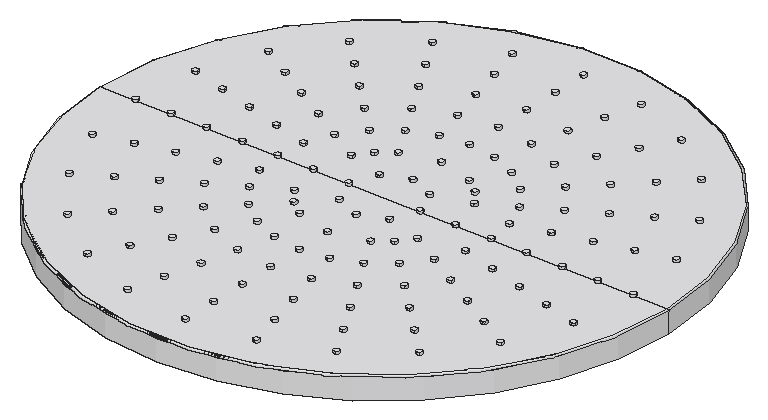
Revit family "Shower-Showerhead-KOHLER-Katalyst-13690W", category Plumbing Fixtures, host Face, Revit 2017
Family settings
  Host = Face
  Round Connector Dimension = Use Diameter
  Part Type = Normal
  OmniClass Number = 23.31.17.00
  OmniClass Title = Showers
  Cut with Voids When Loaded = No
  Shared = No
  Room Calculation Point = No
Parameters (values of type "CP-Polished Chrome")
  Width = 12.00787"  # constant formula
  WaterSense Certified = 1 = 0  # no
  Waste Water Outlet = "Waste Water Outlet"  # constant formula
  Waste Connection = 1 = 0  # no
  Vent Connection = 1 = 0  # no
  URL = "https://www.kohler.co.uk/"
  Type = 1
  Tempered Water Inlet = "Tempered Water Inlet"  # constant formula
  Product Page URL = "https://www.kohler.co.uk/showering/water-delivery/rainheads/katalyst-contemporary-round-rainhead-12in-diameter/"
  Product Name = "Katalyst"  # constant formula
  Product Documentation Link = "https://resources.kohler.com/plumbing/kohleruk/pdf/Contemporary%20round%20rainheads%20datasheet%202015.pdf"
  Pressure = 7.252 psi  # constant formula
  Model = "13690W-CP"  # constant formula
  Material = "Brass Construction"  # constant formula
  Master Format 2014 Name = "Residential Showers"  # constant formula
  Master Format 2014 = "22 42 23"  # constant formula
  Manufacturer Address = "Cromwell Road, Cheltenham, Gloucestershire. GL52 5EP Registered in England No. 252115"  # constant formula
  Manufacturer = "KOHLER Co."  # constant formula
  Length = 12.00787"  # constant formula
  Hot Water Inlet = "Hot Water Inlet"  # constant formula
  Height = 2 3/4"  # constant formula
  HW Connection = 1 = 1  # yes
  Flow Rate = 0 GPM
  Finish = Metal-Kohler-CP-Polished Chrome
  Environmental Product Declaration = ""
  Drain Included = 1 = 0  # no
  Description = "Contemporary round rainhead 12 Inch diameter"  # constant formula
  Default Elevation = 0"
  Declare Label = ""
  Date Modified = "09/07/2020"  # constant formula
  Date Created = "09/07/2020"  # constant formula
  Copyright = "Copyright KOHLER Co."  # constant formula
  Contact Us = "https://www.kohler.co.uk/support/contact/"
  Cold Water Inlet = "Cold Water Inlet"  # constant formula
  CW Connection = 1 = 0  # no
  Assembly Code = "D2010700"
  ADA Compliant = 1 = 0  # no
Reference planes (in)
  plane 1 "Center (Front/Back)": y = 0
  plane 2: z = 0
  plane 3 "Center (Left/Right)": x = 0
  plane 4: z = 2.74969
  plane 5: x = -1.11966
  plane 6: x = 1.11966
  plane 7: y = -6.00394
  plane 8: y = 6.00394
  plane 9: y = 1.11875
  plane 10: y = -1.11875
  plane 11: x = -6.00394
  plane 12: x = 6.00394
Dimensions and locks (in)
  level to plane 4 = 2.74969"
  "Length": plane 8 to plane 7
  "Width": plane 11 to plane 12
  aligned and locked: plane 2 to host face
  aligned and locked: level to host face
Automatic sketch dimensions
  host sketch curve to host sketch curve = 96"  (x2)
Nested families (in)
  nested 1: "13690W" at (0, 0, 0), type "13690W"
Connectors (in)
  piping at (0, 0, 0), diameter 0.5, driven by "Tempered Water Inlet", driven by "HW Connection", driven by "Flow Rate", driven by "Pressure"
    settings: on nested 1, index 1, connector inside diameter 24", connector length 0", flow factor 0, pipe flow 0 GPM, pressure drop 7.252 psi, fitting loss kfactor 0, connector angle 0.00°, fixture units 0, engagement length 0", angle of deflection 0.00°, flow configuration 0, flow direction 1, fitting loss method 4, system type 19, joint type 0, gender type 0, connector reference index -1, connector utility 1, adjustable connector no, is connector primary yes, connector description "Tempered Water Inlet"
Definition of nested family "13690W"
  Parameters (values of type "13690W")
    Finish = none
    Assembly Code = ""
  Reference planes (in)
    plane 1 "Center (Front/Back)": y = 0
    plane 2 "Back": z = 0
    plane 3 "Center (Left/Right)": x = 0
    plane 4 "Left": x = -6
    plane 5 "Right": x = 6
    plane 6 "Top": y = 6
    plane 7 "Bottom": y = -6
    plane 8 "Front": z = 2.75
  Forms (in)
    Revolve 1, solid, detail levels medium+fine
      sketch origin (0, 0, 0) x (1, 0, 0) y (0, 0, 1)
        loop
          line (0, 0) -> (0, 2.71692) -> (-5.96875, 2.71692)
          arc (-5.96875, 2.71692) -> (-5.99085, 2.70777) -> (-6, 2.68567) r 0.03125
          line (-6, 2.68567) -> (-6, 2.24404) -> (-0.72059, 2.24404) -> (-0.72059, 1.66964) -> (-0.68982, 1.66964) -> (-0.68982, 1.19665) -> (-0.43848, 1.19665)
          arc (-0.43848, 1.19665) -> (-0.39123, 1.13635) -> (-0.33581, 1.08346) r 0.53225
          arc (-0.33581, 1.08346) -> (-0.31109, 1.01901) -> (-0.35357, 0.96459) r 0.07013
          arc (-0.35357, 0.96459) -> (-0.4567, 0.87986) -> (-0.49543, 0.75212) r 0.23005
          line (-0.49543, 0.75212) -> (-0.49543, 0.02158)
          arc (-0.49543, 0.02158) -> (-0.48911, 0.00632) -> (-0.47385, 0) r 0.02158
          line (-0.47385, 0) -> (0, 0)
        axis (0, 0) -> (0, 2.71692)
      angle from 0 to 360
    Extrusion 2, solid, detail levels medium+fine
      sketch origin (0, 0, 0) x (-1, 0, 0) y (0, -1, 0)
        loop
          circle (3.75, 0) r 0.05864
        loop
          circle (3, 0) r 0.05864
        loop
          circle (2.25, 0) r 0.05864
        loop
          circle (1.5, 0) r 0.05864
        loop
          circle (4.5, 0) r 0.05864
        loop
          circle (0.75, 0) r 0.05864
        loop
          circle (5.25, 0) r 0.05864
        loop
          circle (-3.75, 0) r 0.05864
        loop
          circle (-3, 0) r 0.05864
        loop
          circle (-2.25, 0) r 0.05864
        loop
          circle (-1.5, 0) r 0.05864
        loop
          circle (-4.5, 0) r 0.05864
        loop
          circle (-0.75, 0) r 0.05864
        loop
          circle (-5.25, 0) r 0.05864
        loop
          circle (0, -3.75) r 0.05864
        loop
          circle (0, -3) r 0.05864
        loop
          circle (0, -2.25) r 0.05864
        loop
          circle (0, -1.5) r 0.05864
        loop
          circle (0, -4.5) r 0.05864
        loop
          circle (0, -0.75) r 0.05864
        loop
          circle (0, -5.25) r 0.05864
        loop
          circle (0, 3.75) r 0.05864
        loop
          circle (0, 3) r 0.05864
        loop
          circle (0, 2.25) r 0.05864
        loop
          circle (0, 1.5) r 0.05864
        loop
          circle (0, 4.5) r 0.05864
        loop
          circle (0, 0.75) r 0.05864
        loop
          circle (0, 5.25) r 0.05864
        loop
          circle (2.65165, -2.65165) r 0.05864
        loop
          circle (2.12132, -2.12132) r 0.05864
        loop
          circle (1.59099, -1.59099) r 0.05864
        loop
          circle (1.06066, -1.06066) r 0.05864
        loop
          circle (3.18198, -3.18198) r 0.05864
        loop
          circle (0.53033, -0.53033) r 0.05864
        loop
          circle (3.71231, -3.71231) r 0.05864
        loop
          circle (-2.65165, 2.65165) r 0.05864
        loop
          circle (-2.12132, 2.12132) r 0.05864
        loop
          circle (-1.59099, 1.59099) r 0.05864
        loop
          circle (-1.06066, 1.06066) r 0.05864
        loop
          circle (-3.18198, 3.18198) r 0.05864
        loop
          circle (-0.53033, 0.53033) r 0.05864
        loop
          circle (-3.71231, 3.71231) r 0.05864
        loop
          circle (-2.65165, -2.65165) r 0.05864
        loop
          circle (-2.12132, -2.12132) r 0.05864
        loop
          circle (-1.59099, -1.59099) r 0.05864
        loop
          circle (-1.06066, -1.06066) r 0.05864
        loop
          circle (-3.18198, -3.18198) r 0.05864
        loop
          circle (-0.53033, -0.53033) r 0.05864
        loop
          circle (-3.71231, -3.71231) r 0.05864
        loop
          circle (2.65165, 2.65165) r 0.05864
        loop
          circle (2.12132, 2.12132) r 0.05864
        loop
          circle (1.59099, 1.59099) r 0.05864
        loop
          circle (1.06066, 1.06066) r 0.05864
        loop
          circle (3.18198, 3.18198) r 0.05864
        loop
          circle (0.53033, 0.53033) r 0.05864
        loop
          circle (3.71231, 3.71231) r 0.05864
        loop
          circle (0.97057, -3.62222) r 0.05864
        loop
          circle (0.77646, -2.89778) r 0.05864
        loop
          circle (0.58234, -2.17333) r 0.05864
        loop
          circle (1.16469, -4.34667) r 0.05864
        loop
          circle (1.3588, -5.07111) r 0.05864
        loop
          circle (1.875, -3.2476) r 0.05864
        loop
          circle (1.5, -2.59808) r 0.05864
        loop
          circle (1.125, -1.94856) r 0.05864
        loop
          circle (0.75, -1.29904) r 0.05864
        loop
          circle (2.25, -3.89711) r 0.05864
        loop
          circle (2.625, -4.54663) r 0.05864
        loop
          circle (-0.97057, -3.62222) r 0.05864
        loop
          circle (-0.77646, -2.89778) r 0.05864
        loop
          circle (-0.58234, -2.17333) r 0.05864
        loop
          circle (-1.16469, -4.34667) r 0.05864
        loop
          circle (-1.3588, -5.07111) r 0.05864
        loop
          circle (-1.875, -3.2476) r 0.05864
        loop
          circle (-1.5, -2.59808) r 0.05864
        loop
          circle (-1.125, -1.94856) r 0.05864
        loop
          circle (-0.75, -1.29904) r 0.05864
        loop
          circle (-2.25, -3.89711) r 0.05864
        loop
          circle (-2.625, -4.54663) r 0.05864
        loop
          circle (-0.97057, 3.62222) r 0.05864
        loop
          circle (-0.77646, 2.89778) r 0.05864
        loop
          circle (-0.58234, 2.17333) r 0.05864
        loop
          circle (-1.16469, 4.34667) r 0.05864
        loop
          circle (-1.3588, 5.07111) r 0.05864
        loop
          circle (-1.875, 3.2476) r 0.05864
        loop
          circle (-1.5, 2.59808) r 0.05864
        loop
          circle (-1.125, 1.94856) r 0.05864
        loop
          circle (-0.75, 1.29904) r 0.05864
        loop
          circle (-2.25, 3.89711) r 0.05864
        loop
          circle (-2.625, 4.54663) r 0.05864
        loop
          circle (0.97057, 3.62222) r 0.05864
        loop
          circle (0.77646, 2.89778) r 0.05864
        loop
          circle (0.58234, 2.17333) r 0.05864
        loop
          circle (1.16469, 4.34667) r 0.05864
        loop
          circle (1.3588, 5.07111) r 0.05864
        loop
          circle (1.875, 3.2476) r 0.05864
        loop
          circle (1.5, 2.59808) r 0.05864
        loop
          circle (1.125, 1.94856) r 0.05864
        loop
          circle (0.75, 1.29904) r 0.05864
        loop
          circle (2.25, 3.89711) r 0.05864
        loop
          circle (2.625, 4.54663) r 0.05864
        loop
          circle (3.62222, 0.97057) r 0.05864
        loop
          circle (2.89778, 0.77646) r 0.05864
        loop
          circle (2.17333, 0.58234) r 0.05864
        loop
          circle (4.34667, 1.16469) r 0.05864
        loop
          circle (5.07111, 1.3588) r 0.05864
        loop
          circle (3.2476, 1.875) r 0.05864
        loop
          circle (2.59808, 1.5) r 0.05864
        loop
          circle (1.94856, 1.125) r 0.05864
        loop
          circle (1.29904, 0.75) r 0.05864
        loop
          circle (3.89711, 2.25) r 0.05864
        loop
          circle (4.54663, 2.625) r 0.05864
        loop
          circle (3.62222, -0.97057) r 0.05864
        loop
          circle (2.89778, -0.77646) r 0.05864
        loop
          circle (2.17333, -0.58234) r 0.05864
        loop
          circle (4.34667, -1.16469) r 0.05864
        loop
          circle (5.07111, -1.3588) r 0.05864
        loop
          circle (3.2476, -1.875) r 0.05864
        loop
          circle (2.59808, -1.5) r 0.05864
        loop
          circle (1.94856, -1.125) r 0.05864
        loop
          circle (1.29904, -0.75) r 0.05864
        loop
          circle (3.89711, -2.25) r 0.05864
        loop
          circle (4.54663, -2.625) r 0.05864
        loop
          circle (-3.62222, -0.97057) r 0.05864
        loop
          circle (-2.89778, -0.77646) r 0.05864
        loop
          circle (-2.17333, -0.58234) r 0.05864
        loop
          circle (-4.34667, -1.16469) r 0.05864
        loop
          circle (-5.07111, -1.3588) r 0.05864
        loop
          circle (-3.2476, -1.875) r 0.05864
        loop
          circle (-2.59808, -1.5) r 0.05864
        loop
          circle (-1.94856, -1.125) r 0.05864
        loop
          circle (-1.29904, -0.75) r 0.05864
        loop
          circle (-3.89711, -2.25) r 0.05864
        loop
          circle (-4.54663, -2.625) r 0.05864
        loop
          circle (-3.62222, 0.97057) r 0.05864
        loop
          circle (-2.89778, 0.77646) r 0.05864
        loop
          circle (-2.17333, 0.58234) r 0.05864
        loop
          circle (-4.34667, 1.16469) r 0.05864
        loop
          circle (-5.07111, 1.3588) r 0.05864
        loop
          circle (-3.2476, 1.875) r 0.05864
        loop
          circle (-2.59808, 1.5) r 0.05864
        loop
          circle (-1.94856, 1.125) r 0.05864
        loop
          circle (-1.29904, 0.75) r 0.05864
        loop
          circle (-3.89711, 2.25) r 0.05864
        loop
          circle (-4.54663, 2.625) r 0.05864
      from 2.52219 to 2.75
    Revolve 3, solid, material <- "Finish", detail levels coarse
      sketch origin (0, 0, 0) x (1, 0, 0) y (0, 0, 1)
        loop
          line (0, 0) -> (0, 2.73077) -> (-6, 2.73077) -> (-6, 2.24404) -> (-0.91193, 2.24404) -> (-0.91193, 0) -> (0, 0)
        axis (0, 2.73077) -> (0, 0)
      angle from 0 to 360
    Extrusion 4, solid, material <- "Finish", detail levels medium+fine
      sketch origin (0, 0, 0) x (1, 0, 0) y (0, 1, 0)
        loop
          circle (0, 0) r 0.25
      from 0 to 0.07379
    Extrusion 5, void
      sketch origin (0, 0, 0) x (0, 1, 0) y (0, 0, 1)
        loop
          line (-0.64098, 0.91104) -> (-0.64098, 0.17323) -> (-0.46504, 0.17323) -> (-0.46504, 0.91104) -> (-0.64098, 0.91104)
        loop
          line (0.64098, 0.91104) -> (0.46504, 0.91104) -> (0.46504, 0.17323) -> (0.64098, 0.17323) -> (0.64098, 0.91104)
      from -1.36907 to 1.02454
  Cuts and joins
    Extrusion 5 cuts Revolve 1
  Lines and regions (in)
    Masking region 1
      outline origin (0, 0, 0) x (1, 0, 0) y (0, 0, 1)
        loop
          line (-0.47553, 0) -> (0.47553, 0)
          arc (0.47553, 0) -> (0.49088, 0.00733) -> (0.49543, 0.02372) r 0.02052
          line (0.49543, 0.02372) -> (0.49543, 0.75212)
          arc (0.49543, 0.75212) -> (0.45667, 0.87989) -> (0.35346, 0.96459) r 0.22998
          arc (0.35346, 0.96459) -> (0.31099, 1.01905) -> (0.33591, 1.08346) r 0.07001
          arc (0.33591, 1.08346) -> (0.39141, 1.13623) -> (0.43848, 1.19665) r 0.51518
          line (0.43848, 1.19665) -> (0.68982, 1.19665) -> (0.68982, 1.66964) -> (0.72059, 1.66964) -> (0.72059, 2.24404) -> (6, 2.24404) -> (6, 2.68718)
          arc (6, 2.68718) -> (5.99129, 2.70821) -> (5.97026, 2.71692) r 0.02974
          line (5.97026, 2.71692) -> (5.30864, 2.71692) -> (5.30864, 2.75) -> (5.19136, 2.75) -> (5.19136, 2.71692) -> (5.12975, 2.71692) -> (5.12975, 2.75) -> (5.01247, 2.75) -> (5.01247, 2.71692) -> (4.60527, 2.71692) -> (4.60527, 2.75) -> (4.44136, 2.75) -> (4.44136, 2.71692) -> (4.4053, 2.71692) -> (4.4053, 2.75) -> (4.28803, 2.75) -> (4.28803, 2.71692) -> (3.95575, 2.71692) -> (3.95575, 2.75) -> (3.83848, 2.75) -> (3.83848, 2.71692) -> (3.77095, 2.71692) -> (3.77095, 2.75) -> (3.56358, 2.75) -> (3.56358, 2.71692) -> (3.30623, 2.71692) -> (3.30623, 2.75066) -> (3.12334, 2.75066) -> (3.12334, 2.71692) -> (3.05864, 2.71692) -> (3.05864, 2.75) -> (2.83914, 2.75) -> (2.83914, 2.71692) -> (2.71029, 2.71692) -> (2.71029, 2.75) -> (2.53944, 2.75) -> (2.53944, 2.71692) -> (2.30864, 2.71692) -> (2.30864, 2.75) -> (2.06268, 2.75) -> (2.06268, 2.71692) -> (2.0072, 2.71692) -> (2.0072, 2.75) -> (1.81636, 2.75) -> (1.81636, 2.71692) -> (1.64963, 2.71692) -> (1.64963, 2.75) -> (1.44136, 2.75) -> (1.44136, 2.71692) -> (1.40688, 2.71692) -> (1.40688, 2.75) -> (1.2404, 2.75) -> (1.2404, 2.71692) -> (1.20626, 2.71692) -> (1.20626, 2.75) -> (1.06636, 2.75) -> (1.06636, 2.71692) -> (1.02921, 2.71692) -> (1.02921, 2.75) -> (0.91193, 2.75) -> (0.91193, 2.71692) -> (0.8351, 2.71692) -> (0.8351, 2.75) -> (0.69136, 2.75) -> (0.69136, 2.71692) -> (0.64098, 2.71692) -> (0.64098, 2.75) -> (0.47169, 2.75) -> (0.47169, 2.71692) -> (0.05864, 2.71692) -> (0.05864, 2.75) -> (0, 2.75) -> (-0.05864, 2.75) -> (-0.05864, 2.71692) -> (-0.47169, 2.71692) -> (-0.47169, 2.75) -> (-0.64098, 2.75) -> (-0.64098, 2.71692) -> (-0.69136, 2.71692) -> (-0.69136, 2.75) -> (-0.8351, 2.75) -> (-0.8351, 2.71692) -> (-0.91193, 2.71692) -> (-0.91193, 2.75) -> (-1.02921, 2.75) -> (-1.02921, 2.71692) -> (-1.06636, 2.71692) -> (-1.06636, 2.75) -> (-1.20626, 2.75) -> (-1.20626, 2.71692) -> (-1.2404, 2.71692) -> (-1.2404, 2.75) -> (-1.40688, 2.75) -> (-1.40688, 2.71692) -> (-1.44136, 2.71692) -> (-1.44136, 2.75) -> (-1.64963, 2.75) -> (-1.64963, 2.71692) -> (-1.81636, 2.71692) -> (-1.81636, 2.75) -> (-2.0072, 2.75) -> (-2.0072, 2.71692) -> (-2.06268, 2.71692) -> (-2.06268, 2.75) -> (-2.30864, 2.75) -> (-2.30864, 2.71692) -> (-2.53944, 2.71692) -> (-2.53944, 2.75) -> (-2.71029, 2.75) -> (-2.71029, 2.71692) -> (-2.83914, 2.71692) -> (-2.83914, 2.75) -> (-3.05864, 2.75) -> (-3.05864, 2.71692) -> (-3.12334, 2.71692) -> (-3.12334, 2.75066) -> (-3.30623, 2.75066) -> (-3.30623, 2.71692) -> (-3.56358, 2.71692) -> (-3.56358, 2.75) -> (-3.77095, 2.75) -> (-3.77095, 2.71692) -> (-3.83848, 2.71692) -> (-3.83848, 2.75) -> (-3.95575, 2.75) -> (-3.95575, 2.71692) -> (-4.28803, 2.71692) -> (-4.28803, 2.75) -> (-4.4053, 2.75) -> (-4.4053, 2.71692) -> (-4.44136, 2.71692) -> (-4.44136, 2.75) -> (-4.60527, 2.75) -> (-4.60527, 2.71692) -> (-5.01247, 2.71692) -> (-5.01247, 2.75) -> (-5.12975, 2.75) -> (-5.12975, 2.71692) -> (-5.19136, 2.71692) -> (-5.19136, 2.75) -> (-5.30864, 2.75) -> (-5.30864, 2.71692) -> (-5.97026, 2.71692)
          arc (-5.97026, 2.71692) -> (-5.99129, 2.70821) -> (-6, 2.68718) r 0.02974
          line (-6, 2.68718) -> (-6, 2.24404) -> (-0.72059, 2.24404) -> (-0.72059, 1.66964) -> (-0.68982, 1.66964) -> (-0.68982, 1.19665) -> (-0.43848, 1.19665)
          arc (-0.43848, 1.19665) -> (-0.39141, 1.13623) -> (-0.33591, 1.08346) r 0.51518
          arc (-0.33591, 1.08346) -> (-0.31099, 1.01905) -> (-0.35346, 0.96459) r 0.07001
          arc (-0.35346, 0.96459) -> (-0.45667, 0.87989) -> (-0.49543, 0.75212) r 0.22998
          line (-0.49543, 0.75212) -> (-0.49543, 0.02372)
          arc (-0.49543, 0.02372) -> (-0.49088, 0.00733) -> (-0.47553, 0) r 0.02052
    Masking region 2
      outline origin (0, 0, 0) x (1, 0, 0) y (0, 1, 0)
        loop
          circle (0, 0) r 6
    Masking region 3
      outline origin (0, 0, 0) x (0, 1, 0) y (0, 0, 1)
        loop
          arc (0.35346, 0.96459) -> (0.31099, 1.01905) -> (0.33591, 1.08346) r 0.07001
          arc (0.33591, 1.08346) -> (0.39141, 1.13623) -> (0.43848, 1.19665) r 0.51518
          line (0.43848, 1.19665) -> (0.68982, 1.19665) -> (0.68982, 1.66964) -> (0.72059, 1.66964) -> (0.72059, 2.24404) -> (6, 2.24404) -> (6, 2.68718)
          arc (6, 2.68718) -> (5.99129, 2.70821) -> (5.97026, 2.71692) r 0.02974
          line (5.97026, 2.71692) -> (5.30864, 2.71692) -> (5.30864, 2.75) -> (5.19136, 2.75) -> (5.19136, 2.71692) -> (5.12975, 2.71692) -> (5.12975, 2.75) -> (5.01247, 2.75) -> (5.01247, 2.71692) -> (4.60527, 2.71692) -> (4.60527, 2.75) -> (4.44136, 2.75) -> (4.44136, 2.71692) -> (4.4053, 2.71692) -> (4.4053, 2.75) -> (4.28803, 2.75) -> (4.28803, 2.71692) -> (3.95575, 2.71692) -> (3.95575, 2.75) -> (3.83848, 2.75) -> (3.83848, 2.71692) -> (3.77095, 2.71692) -> (3.77095, 2.75) -> (3.56358, 2.75) -> (3.56358, 2.71692) -> (3.30623, 2.71692) -> (3.30623, 2.75066) -> (3.12334, 2.75066) -> (3.12334, 2.71692) -> (3.05864, 2.71692) -> (3.05864, 2.75) -> (2.83914, 2.75) -> (2.83914, 2.71692) -> (2.71029, 2.71692) -> (2.71029, 2.75) -> (2.53944, 2.75) -> (2.53944, 2.71692) -> (2.30864, 2.71692) -> (2.30864, 2.75) -> (2.06268, 2.75) -> (2.06268, 2.71692) -> (2.0072, 2.71692) -> (2.0072, 2.75) -> (1.81636, 2.75) -> (1.81636, 2.71692) -> (1.64963, 2.71692) -> (1.64963, 2.75) -> (1.44136, 2.75) -> (1.44136, 2.71692) -> (1.40688, 2.71692) -> (1.40688, 2.75) -> (1.2404, 2.75) -> (1.2404, 2.71692) -> (1.20626, 2.71692) -> (1.20626, 2.75) -> (1.06636, 2.75) -> (1.06636, 2.71692) -> (1.02921, 2.71692) -> (1.02921, 2.75) -> (0.91193, 2.75) -> (0.91193, 2.71692) -> (0.8351, 2.71692) -> (0.8351, 2.75) -> (0.69136, 2.75) -> (0.69136, 2.71692) -> (0.64098, 2.71692) -> (0.64098, 2.75) -> (0.47169, 2.75) -> (0.47169, 2.71692) -> (0.05864, 2.71692) -> (0.05864, 2.75) -> (0, 2.75) -> (-0.05864, 2.75) -> (-0.05864, 2.71692) -> (-0.47169, 2.71692) -> (-0.47169, 2.75) -> (-0.64098, 2.75) -> (-0.64098, 2.71692) -> (-0.69136, 2.71692) -> (-0.69136, 2.75) -> (-0.8351, 2.75) -> (-0.8351, 2.71692) -> (-0.91193, 2.71692) -> (-0.91193, 2.75) -> (-1.02921, 2.75) -> (-1.02921, 2.71692) -> (-1.06636, 2.71692) -> (-1.06636, 2.75) -> (-1.20626, 2.75) -> (-1.20626, 2.71692) -> (-1.2404, 2.71692) -> (-1.2404, 2.75) -> (-1.40688, 2.75) -> (-1.40688, 2.71692) -> (-1.44136, 2.71692) -> (-1.44136, 2.75) -> (-1.64963, 2.75) -> (-1.64963, 2.71692) -> (-1.81636, 2.71692) -> (-1.81636, 2.75) -> (-2.0072, 2.75) -> (-2.0072, 2.71692) -> (-2.06268, 2.71692) -> (-2.06268, 2.75) -> (-2.30864, 2.75) -> (-2.30864, 2.71692) -> (-2.53944, 2.71692) -> (-2.53944, 2.75) -> (-2.71029, 2.75) -> (-2.71029, 2.71692) -> (-2.83914, 2.71692) -> (-2.83914, 2.75) -> (-3.05864, 2.75) -> (-3.05864, 2.71692) -> (-3.12334, 2.71692) -> (-3.12334, 2.75066) -> (-3.30623, 2.75066) -> (-3.30623, 2.71692) -> (-3.56358, 2.71692) -> (-3.56358, 2.75) -> (-3.77095, 2.75) -> (-3.77095, 2.71692) -> (-3.83848, 2.71692) -> (-3.83848, 2.75) -> (-3.95575, 2.75) -> (-3.95575, 2.71692) -> (-4.28803, 2.71692) -> (-4.28803, 2.75) -> (-4.4053, 2.75) -> (-4.4053, 2.71692) -> (-4.44136, 2.71692) -> (-4.44136, 2.75) -> (-4.60527, 2.75) -> (-4.60527, 2.71692) -> (-5.01247, 2.71692) -> (-5.01247, 2.75) -> (-5.12975, 2.75) -> (-5.12975, 2.71692) -> (-5.19136, 2.71692) -> (-5.19136, 2.75) -> (-5.30864, 2.75) -> (-5.30864, 2.71692) -> (-5.97026, 2.71692)
          arc (-5.97026, 2.71692) -> (-5.99129, 2.70821) -> (-6, 2.68718) r 0.02974
          line (-6, 2.68718) -> (-6, 2.24404) -> (-0.72059, 2.24404) -> (-0.72059, 1.66964) -> (-0.68982, 1.66964) -> (-0.68982, 1.19665) -> (-0.43848, 1.19665)
          arc (-0.43848, 1.19665) -> (-0.39141, 1.13623) -> (-0.33591, 1.08346) r 0.51518
          arc (-0.33591, 1.08346) -> (-0.31099, 1.01905) -> (-0.35346, 0.96459) r 0.07001
          arc (-0.35346, 0.96459) -> (-0.41741, 0.92475) -> (-0.46504, 0.86637) r 0.22998
          line (-0.46504, 0.86637) -> (-0.46504, 0.17804) -> (-0.49543, 0.17323) -> (-0.49543, 0.02372)
          arc (-0.49543, 0.02372) -> (-0.49088, 0.00733) -> (-0.47553, 0) r 0.02052
          line (-0.47553, 0) -> (0.47553, 0)
          arc (0.47553, 0) -> (0.49088, 0.00733) -> (0.49543, 0.02372) r 0.02052
          line (0.49543, 0.02372) -> (0.49543, 0.17323) -> (0.46504, 0.17804) -> (0.46504, 0.86637)
          arc (0.46504, 0.86637) -> (0.41741, 0.92475) -> (0.35346, 0.96459) r 0.22998
    symbolic lines, detail levels medium+fine
      curve 1: line (-0.72059, 0, 2.24404) -> (0.72059, 0, 2.24404)
      curve 2: line (-0.68982, 0, 1.66964) -> (0.68982, 0, 1.66964)
      curve 3: line (-0.43848, 0, 1.19665) -> (0.43848, 0, 1.19665)
      curve 4: line (-0.33591, 0, 1.08346) -> (0.33591, 0, 1.08346)
      curve 5: line (-0.35346, 0, 0.96459) -> (0.35346, 0, 0.96459)
      curve 6: line (-0.17084, 0, 0.17428) -> (0.17084, 0, 0.17428)
      curve 7: line (0, -0.35357, 0.96459) -> (0, 0.35335, 0.96459)
      curve 8: line (0, -0.33591, 1.08346) -> (0, 0.33575, 1.08346)
      curve 9: line (0, -0.68982, 1.19665) -> (0, 0.68956, 1.19665)
      curve 10: arc (0, 5.19136, 2.75) -> (0.05864, 5.25, 2.75) -> (0, 5.30864, 2.75) r 0.05864
      curve 11: arc (0, 5.30864, 2.75) -> (-0.05864, 5.25, 2.75) -> (0, 5.19136, 2.75) r 0.05864
      curve 12: arc (0, 4.44136, 2.75) -> (0.05864, 4.5, 2.75) -> (0, 4.55864, 2.75) r 0.05864
      curve 13: arc (0, 4.55864, 2.75) -> (-0.05864, 4.5, 2.75) -> (0, 4.44136, 2.75) r 0.05864
      curve 14: arc (0, 3.69136, 2.75) -> (0.05864, 3.75, 2.75) -> (0, 3.80864, 2.75) r 0.05864
      curve 15: arc (0, 3.80864, 2.75) -> (-0.05864, 3.75, 2.75) -> (0, 3.69136, 2.75) r 0.05864
      curve 16: arc (0, 2.94136, 2.75) -> (0.05864, 3, 2.75) -> (0, 3.05864, 2.75) r 0.05864
      curve 17: arc (0, 3.05864, 2.75) -> (-0.05864, 3, 2.75) -> (0, 2.94136, 2.75) r 0.05864
      curve 18: arc (0, 2.19136, 2.75) -> (0.05864, 2.25, 2.75) -> (0, 2.30864, 2.75) r 0.05864
      curve 19: arc (0, 2.30864, 2.75) -> (-0.05864, 2.25, 2.75) -> (0, 2.19136, 2.75) r 0.05864
      curve 20: arc (0, 1.44136, 2.75) -> (0.05864, 1.5, 2.75) -> (0, 1.55864, 2.75) r 0.05864
      curve 21: arc (0, 1.55864, 2.75) -> (-0.05864, 1.5, 2.75) -> (0, 1.44136, 2.75) r 0.05864
      curve 22: arc (0, 0.69136, 2.75) -> (0.05864, 0.75, 2.75) -> (0, 0.80864, 2.75) r 0.05864
      curve 23: arc (0, 0.80864, 2.75) -> (-0.05864, 0.75, 2.75) -> (0, 0.69136, 2.75) r 0.05864
      curve 24: arc (0, -0.80864, 2.75) -> (0.05864, -0.75, 2.75) -> (0, -0.69136, 2.75) r 0.05864
      curve 25: arc (0, -0.69136, 2.75) -> (-0.05864, -0.75, 2.75) -> (0, -0.80864, 2.75) r 0.05864
      curve 26: arc (0, -1.55864, 2.75) -> (0.05864, -1.5, 2.75) -> (0, -1.44136, 2.75) r 0.05864
      curve 27: arc (0, -1.44136, 2.75) -> (-0.05864, -1.5, 2.75) -> (0, -1.55864, 2.75) r 0.05864
      curve 28: arc (0, -2.30864, 2.75) -> (0.05864, -2.25, 2.75) -> (0, -2.19136, 2.75) r 0.05864
      curve 29: arc (0, -2.19136, 2.75) -> (-0.05864, -2.25, 2.75) -> (0, -2.30864, 2.75) r 0.05864
      curve 30: arc (0, -3.05864, 2.75) -> (0.05864, -3, 2.75) -> (0, -2.94136, 2.75) r 0.05864
      curve 31: arc (0, -2.94136, 2.75) -> (-0.05864, -3, 2.75) -> (0, -3.05864, 2.75) r 0.05864
      curve 32: arc (0, -3.80864, 2.75) -> (0.05864, -3.75, 2.75) -> (0, -3.69136, 2.75) r 0.05864
      curve 33: arc (0, -3.69136, 2.75) -> (-0.05864, -3.75, 2.75) -> (0, -3.80864, 2.75) r 0.05864
      curve 34: arc (0, -4.44136, 2.75) -> (0.05864, -4.5, 2.75) -> (0, -4.55864, 2.75) r 0.05864
      curve 35: arc (0, -4.55864, 2.75) -> (-0.05864, -4.5, 2.75) -> (0, -4.44136, 2.75) r 0.05864
      curve 36: arc (0, -5.30864, 2.75) -> (0.05864, -5.25, 2.75) -> (0, -5.19136, 2.75) r 0.05864
      curve 37: arc (0, -5.19136, 2.75) -> (-0.05864, -5.25, 2.75) -> (0, -5.30864, 2.75) r 0.05864
      curve 38: arc (5.19136, 0, 2.75) -> (5.25, -0.05864, 2.75) -> (5.30864, 0, 2.75) r 0.05864
      curve 39: arc (5.30864, 0, 2.75) -> (5.25, 0.05864, 2.75) -> (5.19136, 0, 2.75) r 0.05864
      curve 40: arc (4.44136, 0, 2.75) -> (4.5, -0.05864, 2.75) -> (4.55864, 0, 2.75) r 0.05864
      curve 41: arc (4.55864, 0, 2.75) -> (4.5, 0.05864, 2.75) -> (4.44136, 0, 2.75) r 0.05864
      curve 42: arc (3.69136, 0, 2.75) -> (3.75, -0.05864, 2.75) -> (3.80864, 0, 2.75) r 0.05864
      curve 43: arc (3.80864, 0, 2.75) -> (3.75, 0.05864, 2.75) -> (3.69136, 0, 2.75) r 0.05864
      curve 44: arc (2.94136, 0, 2.75) -> (3, -0.05864, 2.75) -> (3.05864, 0, 2.75) r 0.05864
      curve 45: arc (3.05864, 0, 2.75) -> (3, 0.05864, 2.75) -> (2.94136, 0, 2.75) r 0.05864
      curve 46: arc (2.19136, 0, 2.75) -> (2.25, -0.05864, 2.75) -> (2.30864, 0, 2.75) r 0.05864
      curve 47: arc (2.30864, 0, 2.75) -> (2.25, 0.05864, 2.75) -> (2.19136, 0, 2.75) r 0.05864
      curve 48: arc (1.44136, 0, 2.75) -> (1.5, -0.05864, 2.75) -> (1.55864, 0, 2.75) r 0.05864
      curve 49: arc (1.55864, 0, 2.75) -> (1.5, 0.05864, 2.75) -> (1.44136, 0, 2.75) r 0.05864
      curve 50: arc (0.69136, 0, 2.75) -> (0.75, -0.05864, 2.75) -> (0.80864, 0, 2.75) r 0.05864
      curve 51: arc (0.80864, 0, 2.75) -> (0.75, 0.05864, 2.75) -> (0.69136, 0, 2.75) r 0.05864
      curve 52: arc (-0.7867, 0, 2.75) -> (-0.72807, -0.05864, 2.75) -> (-0.66943, 0, 2.75) r 0.05864
      curve 53: arc (-0.66943, 0, 2.75) -> (-0.72807, 0.05864, 2.75) -> (-0.7867, 0, 2.75) r 0.05864
      curve 54: arc (-1.5367, 0, 2.75) -> (-1.47807, -0.05864, 2.75) -> (-1.41943, 0, 2.75) r 0.05864
      curve 55: arc (-1.41943, 0, 2.75) -> (-1.47807, 0.05864, 2.75) -> (-1.5367, 0, 2.75) r 0.05864
      curve 56: arc (-2.2867, 0, 2.75) -> (-2.22807, -0.05864, 2.75) -> (-2.16943, 0, 2.75) r 0.05864
      curve 57: arc (-2.16943, 0, 2.75) -> (-2.22807, 0.05864, 2.75) -> (-2.2867, 0, 2.75) r 0.05864
      curve 58: arc (-3.0367, 0, 2.75) -> (-2.97807, -0.05864, 2.75) -> (-2.91943, 0, 2.75) r 0.05864
      curve 59: arc (-2.91943, 0, 2.75) -> (-2.97807, 0.05864, 2.75) -> (-3.0367, 0, 2.75) r 0.05864
      curve 60: arc (-3.7867, 0, 2.75) -> (-3.72807, -0.05864, 2.75) -> (-3.66943, 0, 2.75) r 0.05864
      curve 61: arc (-3.66943, 0, 2.75) -> (-3.72807, 0.05864, 2.75) -> (-3.7867, 0, 2.75) r 0.05864
      curve 62: arc (-4.41943, 0, 2.75) -> (-4.47807, -0.05864, 2.75) -> (-4.5367, 0, 2.75) r 0.05864
      curve 63: arc (-4.5367, 0, 2.75) -> (-4.47807, 0.05864, 2.75) -> (-4.41943, 0, 2.75) r 0.05864
      curve 64: arc (-5.2867, 0, 2.75) -> (-5.22807, -0.05864, 2.75) -> (-5.16943, 0, 2.75) r 0.05864
      curve 65: arc (-5.16943, 0, 2.75) -> (-5.22807, 0.05864, 2.75) -> (-5.2867, 0, 2.75) r 0.05864
      curve 66: arc (0, 5.19136, 2.75) -> (0.05864, 5.25, 2.75) -> (0, 5.30864, 2.75) r 0.05864
      curve 67: arc (0, 5.30864, 2.75) -> (-0.05864, 5.25, 2.75) -> (0, 5.19136, 2.75) r 0.05864
      curve 68: arc (0, 4.44136, 2.75) -> (0.05864, 4.5, 2.75) -> (0, 4.55864, 2.75) r 0.05864
      curve 69: arc (0, 4.55864, 2.75) -> (-0.05864, 4.5, 2.75) -> (0, 4.44136, 2.75) r 0.05864
      curve 70: arc (0, 3.69136, 2.75) -> (0.05864, 3.75, 2.75) -> (0, 3.80864, 2.75) r 0.05864
      curve 71: arc (0, 3.80864, 2.75) -> (-0.05864, 3.75, 2.75) -> (0, 3.69136, 2.75) r 0.05864
      curve 72: arc (0, 2.94136, 2.75) -> (0.05864, 3, 2.75) -> (0, 3.05864, 2.75) r 0.05864
      curve 73: arc (0, 3.05864, 2.75) -> (-0.05864, 3, 2.75) -> (0, 2.94136, 2.75) r 0.05864
      curve 74: arc (0, 2.19136, 2.75) -> (0.05864, 2.25, 2.75) -> (0, 2.30864, 2.75) r 0.05864
      curve 75: arc (0, 2.30864, 2.75) -> (-0.05864, 2.25, 2.75) -> (0, 2.19136, 2.75) r 0.05864
      curve 76: arc (0, 1.44136, 2.75) -> (0.05864, 1.5, 2.75) -> (0, 1.55864, 2.75) r 0.05864
      curve 77: arc (0, 1.55864, 2.75) -> (-0.05864, 1.5, 2.75) -> (0, 1.44136, 2.75) r 0.05864
      curve 78: arc (0, 0.69136, 2.75) -> (0.05864, 0.75, 2.75) -> (0, 0.80864, 2.75) r 0.05864
      curve 79: arc (0, 0.80864, 2.75) -> (-0.05864, 0.75, 2.75) -> (0, 0.69136, 2.75) r 0.05864
      curve 80: arc (0, -0.80864, 2.75) -> (0.05864, -0.75, 2.75) -> (0, -0.69136, 2.75) r 0.05864
      curve 81: arc (0, -0.69136, 2.75) -> (-0.05864, -0.75, 2.75) -> (0, -0.80864, 2.75) r 0.05864
      curve 82: arc (0, -1.55864, 2.75) -> (0.05864, -1.5, 2.75) -> (0, -1.44136, 2.75) r 0.05864
      curve 83: arc (0, -1.44136, 2.75) -> (-0.05864, -1.5, 2.75) -> (0, -1.55864, 2.75) r 0.05864
      curve 84: arc (0, -2.30864, 2.75) -> (0.05864, -2.25, 2.75) -> (0, -2.19136, 2.75) r 0.05864
      curve 85: arc (0, -2.19136, 2.75) -> (-0.05864, -2.25, 2.75) -> (0, -2.30864, 2.75) r 0.05864
      curve 86: arc (0, -3.05864, 2.75) -> (0.05864, -3, 2.75) -> (0, -2.94136, 2.75) r 0.05864
      curve 87: arc (0, -2.94136, 2.75) -> (-0.05864, -3, 2.75) -> (0, -3.05864, 2.75) r 0.05864
      curve 88: arc (0, -3.80864, 2.75) -> (0.05864, -3.75, 2.75) -> (0, -3.69136, 2.75) r 0.05864
      curve 89: arc (0, -3.69136, 2.75) -> (-0.05864, -3.75, 2.75) -> (0, -3.80864, 2.75) r 0.05864
      curve 90: arc (0, -4.44136, 2.75) -> (0.05864, -4.5, 2.75) -> (0, -4.55864, 2.75) r 0.05864
      curve 91: arc (0, -4.55864, 2.75) -> (-0.05864, -4.5, 2.75) -> (0, -4.44136, 2.75) r 0.05864
      curve 92: arc (0, -5.30864, 2.75) -> (0.05864, -5.25, 2.75) -> (0, -5.19136, 2.75) r 0.05864
      curve 93: arc (0, -5.19136, 2.75) -> (-0.05864, -5.25, 2.75) -> (0, -5.30864, 2.75) r 0.05864
      curve 94: arc (5.19136, 0, 2.75) -> (5.25, -0.05864, 2.75) -> (5.30864, 0, 2.75) r 0.05864
      curve 95: arc (5.30864, 0, 2.75) -> (5.25, 0.05864, 2.75) -> (5.19136, 0, 2.75) r 0.05864
      curve 96: arc (4.44136, 0, 2.75) -> (4.5, -0.05864, 2.75) -> (4.55864, 0, 2.75) r 0.05864
      curve 97: arc (4.55864, 0, 2.75) -> (4.5, 0.05864, 2.75) -> (4.44136, 0, 2.75) r 0.05864
      curve 98: arc (3.69136, 0, 2.75) -> (3.75, -0.05864, 2.75) -> (3.80864, 0, 2.75) r 0.05864
      curve 99: arc (3.80864, 0, 2.75) -> (3.75, 0.05864, 2.75) -> (3.69136, 0, 2.75) r 0.05864
      curve 100: arc (2.94136, 0, 2.75) -> (3, -0.05864, 2.75) -> (3.05864, 0, 2.75) r 0.05864
      curve 101: arc (3.05864, 0, 2.75) -> (3, 0.05864, 2.75) -> (2.94136, 0, 2.75) r 0.05864
      curve 102: arc (2.19136, 0, 2.75) -> (2.25, -0.05864, 2.75) -> (2.30864, 0, 2.75) r 0.05864
      curve 103: arc (2.30864, 0, 2.75) -> (2.25, 0.05864, 2.75) -> (2.19136, 0, 2.75) r 0.05864
      curve 104: arc (1.44136, 0, 2.75) -> (1.5, -0.05864, 2.75) -> (1.55864, 0, 2.75) r 0.05864
      curve 105: arc (1.55864, 0, 2.75) -> (1.5, 0.05864, 2.75) -> (1.44136, 0, 2.75) r 0.05864
      curve 106: arc (0.69136, 0, 2.75) -> (0.75, -0.05864, 2.75) -> (0.80864, 0, 2.75) r 0.05864
      curve 107: arc (0.80864, 0, 2.75) -> (0.75, 0.05864, 2.75) -> (0.69136, 0, 2.75) r 0.05864
      curve 108: arc (-0.7867, 0, 2.75) -> (-0.75, -0.0367, 2.75) -> (-0.7133, 0, 2.75) r 0.0367
      curve 109: arc (-0.7133, 0, 2.75) -> (-0.75, 0.0367, 2.75) -> (-0.7867, 0, 2.75) r 0.0367
      curve 110: arc (-1.5367, 0, 2.75) -> (-1.47807, -0.05864, 2.75) -> (-1.41943, 0, 2.75) r 0.05864
      curve 111: arc (-1.41943, 0, 2.75) -> (-1.47807, 0.05864, 2.75) -> (-1.5367, 0, 2.75) r 0.05864
      curve 112: arc (-2.2867, 0, 2.75) -> (-2.22807, -0.05864, 2.75) -> (-2.16943, 0, 2.75) r 0.05864
      curve 113: arc (-2.16943, 0, 2.75) -> (-2.22807, 0.05864, 2.75) -> (-2.2867, 0, 2.75) r 0.05864
      curve 114: arc (-3.0367, 0, 2.75) -> (-2.97807, -0.05864, 2.75) -> (-2.91943, 0, 2.75) r 0.05864
      curve 115: arc (-2.91943, 0, 2.75) -> (-2.97807, 0.05864, 2.75) -> (-3.0367, 0, 2.75) r 0.05864
      curve 116: arc (-3.7867, 0, 2.75) -> (-3.72807, -0.05864, 2.75) -> (-3.66943, 0, 2.75) r 0.05864
      curve 117: arc (-3.66943, 0, 2.75) -> (-3.72807, 0.05864, 2.75) -> (-3.7867, 0, 2.75) r 0.05864
      curve 118: arc (-4.41943, 0, 2.75) -> (-4.47807, -0.05864, 2.75) -> (-4.5367, 0, 2.75) r 0.05864
      curve 119: arc (-4.5367, 0, 2.75) -> (-4.47807, 0.05864, 2.75) -> (-4.41943, 0, 2.75) r 0.05864
      curve 120: arc (-5.2867, 0, 2.75) -> (-5.22807, -0.05864, 2.75) -> (-5.16943, 0, 2.75) r 0.05864
      curve 121: arc (-5.16943, 0, 2.75) -> (-5.22807, 0.05864, 2.75) -> (-5.2867, 0, 2.75) r 0.05864
      curve 122: arc (-0.56717, 2.11669, 2.75) -> (-0.5257, 2.18851, 2.75) -> (-0.59752, 2.22997, 2.75) r 0.05864
      curve 123: arc (-0.59752, 2.22997, 2.75) -> (-0.63898, 2.15816, 2.75) -> (-0.56717, 2.11669, 2.75) r 0.05864
      curve 124: arc (-0.76128, 2.84114, 2.75) -> (-0.71982, 2.91295, 2.75) -> (-0.79163, 2.95442, 2.75) r 0.05864
      curve 125: arc (-0.79163, 2.95442, 2.75) -> (-0.8331, 2.8826, 2.75) -> (-0.76128, 2.84114, 2.75) r 0.05864
      curve 126: arc (-0.95539, 3.56558, 2.75) -> (-0.91393, 3.6374, 2.75) -> (-0.98575, 3.67886, 2.75) r 0.05864
      curve 127: arc (-0.98575, 3.67886, 2.75) -> (-1.02721, 3.60705, 2.75) -> (-0.95539, 3.56558, 2.75) r 0.05864
      curve 128: arc (-1.14951, 4.29003, 2.75) -> (-1.10805, 4.36184, 2.75) -> (-1.17986, 4.40331, 2.75) r 0.05864
      curve 129: arc (-1.17986, 4.40331, 2.75) -> (-1.22133, 4.33149, 2.75) -> (-1.14951, 4.29003, 2.75) r 0.05864
      curve 130: arc (-1.34362, 5.01447, 2.75) -> (-1.30216, 5.08629, 2.75) -> (-1.37398, 5.12775, 2.75) r 0.05864
      curve 131: arc (-1.37398, 5.12775, 2.75) -> (-1.41544, 5.05593, 2.75) -> (-1.34362, 5.01447, 2.75) r 0.05864
      curve 132: arc (-2.59568, 4.49585, 2.75) -> (-2.57422, 4.57595, 2.75) -> (-2.65432, 4.59742, 2.75) r 0.05864
      curve 133: arc (-2.65432, 4.59742, 2.75) -> (-2.67578, 4.51731, 2.75) -> (-2.59568, 4.49585, 2.75) r 0.05864
      curve 134: arc (-2.22068, 3.84633, 2.75) -> (-2.19922, 3.92643, 2.75) -> (-2.27932, 3.9479, 2.75) r 0.05864
      curve 135: arc (-2.27932, 3.9479, 2.75) -> (-2.30078, 3.8678, 2.75) -> (-2.22068, 3.84633, 2.75) r 0.05864
      curve 136: arc (-1.84568, 3.19681, 2.75) -> (-1.82422, 3.27691, 2.75) -> (-1.90432, 3.29838, 2.75) r 0.05864
      curve 137: arc (-1.90432, 3.29838, 2.75) -> (-1.92578, 3.21828, 2.75) -> (-1.84568, 3.19681, 2.75) r 0.05864
      curve 138: arc (-1.47068, 2.54729, 2.75) -> (-1.44922, 2.6274, 2.75) -> (-1.52932, 2.64886, 2.75) r 0.05864
      curve 139: arc (-1.52932, 2.64886, 2.75) -> (-1.55078, 2.56876, 2.75) -> (-1.47068, 2.54729, 2.75) r 0.05864
      curve 140: arc (-1.09568, 1.89777, 2.75) -> (-1.07422, 1.97788, 2.75) -> (-1.15432, 1.99934, 2.75) r 0.05864
      curve 141: arc (-1.15432, 1.99934, 2.75) -> (-1.17578, 1.91924, 2.75) -> (-1.09568, 1.89777, 2.75) r 0.05864
      curve 142: arc (-0.72068, 1.24826, 2.75) -> (-0.69922, 1.32836, 2.75) -> (-0.77932, 1.34982, 2.75) r 0.05864
      curve 143: arc (-0.77932, 1.34982, 2.75) -> (-0.80078, 1.26972, 2.75) -> (-0.72068, 1.24826, 2.75) r 0.05864
      curve 144: arc (-0.48887, 0.48887, 2.75) -> (-0.48887, 0.57179, 2.75) -> (-0.57179, 0.57179, 2.75) r 0.05864
      curve 145: arc (-0.57179, 0.57179, 2.75) -> (-0.57179, 0.48887, 2.75) -> (-0.48887, 0.48887, 2.75) r 0.05864
      curve 146: arc (-1.0192, 1.0192, 2.75) -> (-1.0192, 1.10212, 2.75) -> (-1.10212, 1.10212, 2.75) r 0.05864
      curve 147: arc (-1.10212, 1.10212, 2.75) -> (-1.10212, 1.0192, 2.75) -> (-1.0192, 1.0192, 2.75) r 0.05864
      curve 148: arc (-1.54953, 1.54953, 2.75) -> (-1.54953, 1.63245, 2.75) -> (-1.63245, 1.63245, 2.75) r 0.05864
      curve 149: arc (-1.63245, 1.63245, 2.75) -> (-1.63245, 1.54953, 2.75) -> (-1.54953, 1.54953, 2.75) r 0.05864
      curve 150: arc (-2.07986, 2.07986, 2.75) -> (-2.07986, 2.16278, 2.75) -> (-2.16278, 2.16278, 2.75) r 0.05864
      curve 151: arc (-2.16278, 2.16278, 2.75) -> (-2.16278, 2.07986, 2.75) -> (-2.07986, 2.07986, 2.75) r 0.05864
      curve 152: arc (-2.61019, 2.61019, 2.75) -> (-2.61019, 2.69311, 2.75) -> (-2.69311, 2.69311, 2.75) r 0.05864
      curve 153: arc (-2.69311, 2.69311, 2.75) -> (-2.69311, 2.61019, 2.75) -> (-2.61019, 2.61019, 2.75) r 0.05864
      curve 154: arc (-3.14052, 3.14052, 2.75) -> (-3.14052, 3.22344, 2.75) -> (-3.22344, 3.22344, 2.75) r 0.05864
      curve 155: arc (-3.22344, 3.22344, 2.75) -> (-3.22344, 3.14052, 2.75) -> (-3.14052, 3.14052, 2.75) r 0.05864
      curve 156: arc (-3.67085, 3.67085, 2.75) -> (-3.67085, 3.75377, 2.75) -> (-3.75377, 3.75377, 2.75) r 0.05864
      curve 157: arc (-3.75377, 3.75377, 2.75) -> (-3.75377, 3.67085, 2.75) -> (-3.67085, 3.67085, 2.75) r 0.05864
      curve 158: arc (-4.49585, 2.59568, 2.75) -> (-4.51731, 2.67578, 2.75) -> (-4.59742, 2.65432, 2.75) r 0.05864
      curve 159: arc (-4.59742, 2.65432, 2.75) -> (-4.57595, 2.57422, 2.75) -> (-4.49585, 2.59568, 2.75) r 0.05864
      curve 160: arc (-3.84633, 2.22068, 2.75) -> (-3.8678, 2.30078, 2.75) -> (-3.9479, 2.27932, 2.75) r 0.05864
      curve 161: arc (-3.9479, 2.27932, 2.75) -> (-3.92643, 2.19922, 2.75) -> (-3.84633, 2.22068, 2.75) r 0.05864
      curve 162: arc (-3.19681, 1.84568, 2.75) -> (-3.21828, 1.92578, 2.75) -> (-3.29838, 1.90432, 2.75) r 0.05864
      curve 163: arc (-3.29838, 1.90432, 2.75) -> (-3.27691, 1.82422, 2.75) -> (-3.19681, 1.84568, 2.75) r 0.05864
      curve 164: arc (-2.54729, 1.47068, 2.75) -> (-2.56876, 1.55078, 2.75) -> (-2.64886, 1.52932, 2.75) r 0.05864
      curve 165: arc (-2.64886, 1.52932, 2.75) -> (-2.6274, 1.44922, 2.75) -> (-2.54729, 1.47068, 2.75) r 0.05864
      curve 166: arc (-1.89777, 1.09568, 2.75) -> (-1.91924, 1.17578, 2.75) -> (-1.99934, 1.15432, 2.75) r 0.05864
      curve 167: arc (-1.99934, 1.15432, 2.75) -> (-1.97788, 1.07422, 2.75) -> (-1.89777, 1.09568, 2.75) r 0.05864
      curve 168: arc (-1.24826, 0.72068, 2.75) -> (-1.26972, 0.80078, 2.75) -> (-1.34982, 0.77932, 2.75) r 0.05864
      curve 169: arc (-1.34982, 0.77932, 2.75) -> (-1.32836, 0.69922, 2.75) -> (-1.24826, 0.72068, 2.75) r 0.05864
      curve 170: arc (-2.11669, 0.56717, 2.75) -> (-2.15816, 0.63898, 2.75) -> (-2.22997, 0.59752, 2.75) r 0.05864
      curve 171: arc (-2.22997, 0.59752, 2.75) -> (-2.18851, 0.5257, 2.75) -> (-2.11669, 0.56717, 2.75) r 0.05864
      curve 172: arc (-2.84114, 0.76128, 2.75) -> (-2.8826, 0.8331, 2.75) -> (-2.95442, 0.79163, 2.75) r 0.05864
      curve 173: arc (-2.95442, 0.79163, 2.75) -> (-2.91295, 0.71982, 2.75) -> (-2.84114, 0.76128, 2.75) r 0.05864
      curve 174: arc (-3.56558, 0.95539, 2.75) -> (-3.60705, 1.02721, 2.75) -> (-3.67886, 0.98575, 2.75) r 0.05864
      curve 175: arc (-3.67886, 0.98575, 2.75) -> (-3.6374, 0.91393, 2.75) -> (-3.56558, 0.95539, 2.75) r 0.05864
      curve 176: arc (-4.29003, 1.14951, 2.75) -> (-4.33149, 1.22133, 2.75) -> (-4.40331, 1.17986, 2.75) r 0.05864
      curve 177: arc (-4.40331, 1.17986, 2.75) -> (-4.36184, 1.10805, 2.75) -> (-4.29003, 1.14951, 2.75) r 0.05864
      curve 178: arc (-5.01447, 1.34362, 2.75) -> (-5.05593, 1.41544, 2.75) -> (-5.12775, 1.37398, 2.75) r 0.05864
      curve 179: arc (-5.12775, 1.37398, 2.75) -> (-5.08629, 1.30216, 2.75) -> (-5.01447, 1.34362, 2.75) r 0.05864
      curve 180: arc (-0.56717, -2.11669, 2.75) -> (-0.5257, -2.18851, 2.75) -> (-0.59752, -2.22997, 2.75) r 0.05864
      curve 181: arc (-0.59752, -2.22997, 2.75) -> (-0.63898, -2.15816, 2.75) -> (-0.56717, -2.11669, 2.75) r 0.05864
      curve 182: arc (-0.76128, -2.84114, 2.75) -> (-0.71982, -2.91295, 2.75) -> (-0.79163, -2.95442, 2.75) r 0.05864
      curve 183: arc (-0.79163, -2.95442, 2.75) -> (-0.8331, -2.8826, 2.75) -> (-0.76128, -2.84114, 2.75) r 0.05864
      curve 184: arc (-0.95539, -3.56558, 2.75) -> (-0.91393, -3.6374, 2.75) -> (-0.98575, -3.67886, 2.75) r 0.05864
      curve 185: arc (-0.98575, -3.67886, 2.75) -> (-1.02721, -3.60705, 2.75) -> (-0.95539, -3.56558, 2.75) r 0.05864
      curve 186: arc (-1.14951, -4.29003, 2.75) -> (-1.10805, -4.36184, 2.75) -> (-1.17986, -4.40331, 2.75) r 0.05864
      curve 187: arc (-1.17986, -4.40331, 2.75) -> (-1.22133, -4.33149, 2.75) -> (-1.14951, -4.29003, 2.75) r 0.05864
      curve 188: arc (-1.34362, -5.01447, 2.75) -> (-1.30216, -5.08629, 2.75) -> (-1.37398, -5.12775, 2.75) r 0.05864
      curve 189: arc (-1.37398, -5.12775, 2.75) -> (-1.41544, -5.05593, 2.75) -> (-1.34362, -5.01447, 2.75) r 0.05864
      curve 190: arc (-2.59568, -4.49585, 2.75) -> (-2.57422, -4.57595, 2.75) -> (-2.65432, -4.59742, 2.75) r 0.05864
      curve 191: arc (-2.65432, -4.59742, 2.75) -> (-2.67578, -4.51731, 2.75) -> (-2.59568, -4.49585, 2.75) r 0.05864
      curve 192: arc (-2.22068, -3.84633, 2.75) -> (-2.19922, -3.92643, 2.75) -> (-2.27932, -3.9479, 2.75) r 0.05864
      curve 193: arc (-2.27932, -3.9479, 2.75) -> (-2.30078, -3.8678, 2.75) -> (-2.22068, -3.84633, 2.75) r 0.05864
      curve 194: arc (-1.84568, -3.19681, 2.75) -> (-1.82422, -3.27691, 2.75) -> (-1.90432, -3.29838, 2.75) r 0.05864
      curve 195: arc (-1.90432, -3.29838, 2.75) -> (-1.92578, -3.21828, 2.75) -> (-1.84568, -3.19681, 2.75) r 0.05864
      curve 196: arc (-1.47068, -2.54729, 2.75) -> (-1.44922, -2.6274, 2.75) -> (-1.52932, -2.64886, 2.75) r 0.05864
      curve 197: arc (-1.52932, -2.64886, 2.75) -> (-1.55078, -2.56876, 2.75) -> (-1.47068, -2.54729, 2.75) r 0.05864
      curve 198: arc (-1.09568, -1.89777, 2.75) -> (-1.07422, -1.97788, 2.75) -> (-1.15432, -1.99934, 2.75) r 0.05864
      curve 199: arc (-1.15432, -1.99934, 2.75) -> (-1.17578, -1.91924, 2.75) -> (-1.09568, -1.89777, 2.75) r 0.05864
      curve 200: arc (-0.72068, -1.24826, 2.75) -> (-0.69922, -1.32836, 2.75) -> (-0.77932, -1.34982, 2.75) r 0.05864
      curve 201: arc (-0.77932, -1.34982, 2.75) -> (-0.80078, -1.26972, 2.75) -> (-0.72068, -1.24826, 2.75) r 0.05864
      curve 202: arc (-0.48887, -0.48887, 2.75) -> (-0.48887, -0.57179, 2.75) -> (-0.57179, -0.57179, 2.75) r 0.05864
      curve 203: arc (-0.57179, -0.57179, 2.75) -> (-0.57179, -0.48887, 2.75) -> (-0.48887, -0.48887, 2.75) r 0.05864
      curve 204: arc (-1.0192, -1.0192, 2.75) -> (-1.0192, -1.10212, 2.75) -> (-1.10212, -1.10212, 2.75) r 0.05864
      curve 205: arc (-1.10212, -1.10212, 2.75) -> (-1.10212, -1.0192, 2.75) -> (-1.0192, -1.0192, 2.75) r 0.05864
      curve 206: arc (-1.54953, -1.54953, 2.75) -> (-1.54953, -1.63245, 2.75) -> (-1.63245, -1.63245, 2.75) r 0.05864
      curve 207: arc (-1.63245, -1.63245, 2.75) -> (-1.63245, -1.54953, 2.75) -> (-1.54953, -1.54953, 2.75) r 0.05864
      curve 208: arc (-2.07986, -2.07986, 2.75) -> (-2.07986, -2.16278, 2.75) -> (-2.16278, -2.16278, 2.75) r 0.05864
      curve 209: arc (-2.16278, -2.16278, 2.75) -> (-2.16278, -2.07986, 2.75) -> (-2.07986, -2.07986, 2.75) r 0.05864
      curve 210: arc (-2.61019, -2.61019, 2.75) -> (-2.61019, -2.69311, 2.75) -> (-2.69311, -2.69311, 2.75) r 0.05864
      curve 211: arc (-2.69311, -2.69311, 2.75) -> (-2.69311, -2.61019, 2.75) -> (-2.61019, -2.61019, 2.75) r 0.05864
      curve 212: arc (-3.14052, -3.14052, 2.75) -> (-3.14052, -3.22344, 2.75) -> (-3.22344, -3.22344, 2.75) r 0.05864
      curve 213: arc (-3.22344, -3.22344, 2.75) -> (-3.22344, -3.14052, 2.75) -> (-3.14052, -3.14052, 2.75) r 0.05864
      curve 214: arc (-3.67085, -3.67085, 2.75) -> (-3.67085, -3.75377, 2.75) -> (-3.75377, -3.75377, 2.75) r 0.05864
      curve 215: arc (-3.75377, -3.75377, 2.75) -> (-3.75377, -3.67085, 2.75) -> (-3.67085, -3.67085, 2.75) r 0.05864
      curve 216: arc (-4.49585, -2.59568, 2.75) -> (-4.51731, -2.67578, 2.75) -> (-4.59742, -2.65432, 2.75) r 0.05864
      curve 217: arc (-4.59742, -2.65432, 2.75) -> (-4.57595, -2.57422, 2.75) -> (-4.49585, -2.59568, 2.75) r 0.05864
      curve 218: arc (-3.84633, -2.22068, 2.75) -> (-3.8678, -2.30078, 2.75) -> (-3.9479, -2.27932, 2.75) r 0.05864
      curve 219: arc (-3.9479, -2.27932, 2.75) -> (-3.92643, -2.19922, 2.75) -> (-3.84633, -2.22068, 2.75) r 0.05864
      curve 220: arc (-3.19681, -1.84568, 2.75) -> (-3.21828, -1.92578, 2.75) -> (-3.29838, -1.90432, 2.75) r 0.05864
      curve 221: arc (-3.29838, -1.90432, 2.75) -> (-3.27691, -1.82422, 2.75) -> (-3.19681, -1.84568, 2.75) r 0.05864
      curve 222: arc (-2.54729, -1.47068, 2.75) -> (-2.56876, -1.55078, 2.75) -> (-2.64886, -1.52932, 2.75) r 0.05864
      curve 223: arc (-2.64886, -1.52932, 2.75) -> (-2.6274, -1.44922, 2.75) -> (-2.54729, -1.47068, 2.75) r 0.05864
      curve 224: arc (-1.89777, -1.09568, 2.75) -> (-1.91924, -1.17578, 2.75) -> (-1.99934, -1.15432, 2.75) r 0.05864
      curve 225: arc (-1.99934, -1.15432, 2.75) -> (-1.97788, -1.07422, 2.75) -> (-1.89777, -1.09568, 2.75) r 0.05864
      curve 226: arc (-1.24826, -0.72068, 2.75) -> (-1.26972, -0.80078, 2.75) -> (-1.34982, -0.77932, 2.75) r 0.05864
      curve 227: arc (-1.34982, -0.77932, 2.75) -> (-1.32836, -0.69922, 2.75) -> (-1.24826, -0.72068, 2.75) r 0.05864
      curve 228: arc (-2.11669, -0.56717, 2.75) -> (-2.15816, -0.63898, 2.75) -> (-2.22997, -0.59752, 2.75) r 0.05864
      curve 229: arc (-2.22997, -0.59752, 2.75) -> (-2.18851, -0.5257, 2.75) -> (-2.11669, -0.56717, 2.75) r 0.05864
      curve 230: arc (-2.84114, -0.76128, 2.75) -> (-2.8826, -0.8331, 2.75) -> (-2.95442, -0.79163, 2.75) r 0.05864
      curve 231: arc (-2.95442, -0.79163, 2.75) -> (-2.91295, -0.71982, 2.75) -> (-2.84114, -0.76128, 2.75) r 0.05864
      curve 232: arc (-3.56558, -0.95539, 2.75) -> (-3.60705, -1.02721, 2.75) -> (-3.67886, -0.98575, 2.75) r 0.05864
      curve 233: arc (-3.67886, -0.98575, 2.75) -> (-3.6374, -0.91393, 2.75) -> (-3.56558, -0.95539, 2.75) r 0.05864
      curve 234: arc (-4.29003, -1.14951, 2.75) -> (-4.33149, -1.22133, 2.75) -> (-4.40331, -1.17986, 2.75) r 0.05864
      curve 235: arc (-4.40331, -1.17986, 2.75) -> (-4.36184, -1.10805, 2.75) -> (-4.29003, -1.14951, 2.75) r 0.05864
      curve 236: arc (-5.01447, -1.34362, 2.75) -> (-5.05593, -1.41544, 2.75) -> (-5.12775, -1.37398, 2.75) r 0.05864
      curve 237: arc (-5.12775, -1.37398, 2.75) -> (-5.08629, -1.30216, 2.75) -> (-5.01447, -1.34362, 2.75) r 0.05864
      curve 238: arc (0.56717, -2.11669, 2.75) -> (0.5257, -2.18851, 2.75) -> (0.59752, -2.22997, 2.75) r 0.05864
      curve 239: arc (0.59752, -2.22997, 2.75) -> (0.63898, -2.15816, 2.75) -> (0.56717, -2.11669, 2.75) r 0.05864
      curve 240: arc (0.76128, -2.84114, 2.75) -> (0.71982, -2.91295, 2.75) -> (0.79163, -2.95442, 2.75) r 0.05864
      curve 241: arc (0.79163, -2.95442, 2.75) -> (0.8331, -2.8826, 2.75) -> (0.76128, -2.84114, 2.75) r 0.05864
      curve 242: arc (0.95539, -3.56558, 2.75) -> (0.91393, -3.6374, 2.75) -> (0.98575, -3.67886, 2.75) r 0.05864
      curve 243: arc (0.98575, -3.67886, 2.75) -> (1.02721, -3.60705, 2.75) -> (0.95539, -3.56558, 2.75) r 0.05864
      curve 244: arc (1.14951, -4.29003, 2.75) -> (1.10805, -4.36184, 2.75) -> (1.17986, -4.40331, 2.75) r 0.05864
      curve 245: arc (1.17986, -4.40331, 2.75) -> (1.22133, -4.33149, 2.75) -> (1.14951, -4.29003, 2.75) r 0.05864
      curve 246: arc (1.34362, -5.01447, 2.75) -> (1.30216, -5.08629, 2.75) -> (1.37398, -5.12775, 2.75) r 0.05864
      curve 247: arc (1.37398, -5.12775, 2.75) -> (1.41544, -5.05593, 2.75) -> (1.34362, -5.01447, 2.75) r 0.05864
      curve 248: arc (2.59568, -4.49585, 2.75) -> (2.57422, -4.57595, 2.75) -> (2.65432, -4.59742, 2.75) r 0.05864
      curve 249: arc (2.65432, -4.59742, 2.75) -> (2.67578, -4.51731, 2.75) -> (2.59568, -4.49585, 2.75) r 0.05864
      curve 250: arc (2.22068, -3.84633, 2.75) -> (2.19922, -3.92643, 2.75) -> (2.27932, -3.9479, 2.75) r 0.05864
      curve 251: arc (2.27932, -3.9479, 2.75) -> (2.30078, -3.8678, 2.75) -> (2.22068, -3.84633, 2.75) r 0.05864
      curve 252: arc (1.84568, -3.19681, 2.75) -> (1.82422, -3.27691, 2.75) -> (1.90432, -3.29838, 2.75) r 0.05864
      curve 253: arc (1.90432, -3.29838, 2.75) -> (1.92578, -3.21828, 2.75) -> (1.84568, -3.19681, 2.75) r 0.05864
      curve 254: arc (1.47068, -2.54729, 2.75) -> (1.44922, -2.6274, 2.75) -> (1.52932, -2.64886, 2.75) r 0.05864
      curve 255: arc (1.52932, -2.64886, 2.75) -> (1.55078, -2.56876, 2.75) -> (1.47068, -2.54729, 2.75) r 0.05864
      curve 256: arc (1.09568, -1.89777, 2.75) -> (1.07422, -1.97788, 2.75) -> (1.15432, -1.99934, 2.75) r 0.05864
      curve 257: arc (1.15432, -1.99934, 2.75) -> (1.17578, -1.91924, 2.75) -> (1.09568, -1.89777, 2.75) r 0.05864
      curve 258: arc (0.72068, -1.24826, 2.75) -> (0.69922, -1.32836, 2.75) -> (0.77932, -1.34982, 2.75) r 0.05864
      curve 259: arc (0.77932, -1.34982, 2.75) -> (0.80078, -1.26972, 2.75) -> (0.72068, -1.24826, 2.75) r 0.05864
      curve 260: arc (0.48887, -0.48887, 2.75) -> (0.48887, -0.57179, 2.75) -> (0.57179, -0.57179, 2.75) r 0.05864
      curve 261: arc (0.57179, -0.57179, 2.75) -> (0.57179, -0.48887, 2.75) -> (0.48887, -0.48887, 2.75) r 0.05864
      curve 262: arc (1.0192, -1.0192, 2.75) -> (1.0192, -1.10212, 2.75) -> (1.10212, -1.10212, 2.75) r 0.05864
      curve 263: arc (1.10212, -1.10212, 2.75) -> (1.10212, -1.0192, 2.75) -> (1.0192, -1.0192, 2.75) r 0.05864
      curve 264: arc (1.54953, -1.54953, 2.75) -> (1.54953, -1.63245, 2.75) -> (1.63245, -1.63245, 2.75) r 0.05864
      curve 265: arc (1.63245, -1.63245, 2.75) -> (1.63245, -1.54953, 2.75) -> (1.54953, -1.54953, 2.75) r 0.05864
      curve 266: arc (2.07986, -2.07986, 2.75) -> (2.07986, -2.16278, 2.75) -> (2.16278, -2.16278, 2.75) r 0.05864
      curve 267: arc (2.16278, -2.16278, 2.75) -> (2.16278, -2.07986, 2.75) -> (2.07986, -2.07986, 2.75) r 0.05864
      curve 268: arc (2.61019, -2.61019, 2.75) -> (2.61019, -2.69311, 2.75) -> (2.69311, -2.69311, 2.75) r 0.05864
      curve 269: arc (2.69311, -2.69311, 2.75) -> (2.69311, -2.61019, 2.75) -> (2.61019, -2.61019, 2.75) r 0.05864
      curve 270: arc (3.14052, -3.14052, 2.75) -> (3.14052, -3.22344, 2.75) -> (3.22344, -3.22344, 2.75) r 0.05864
